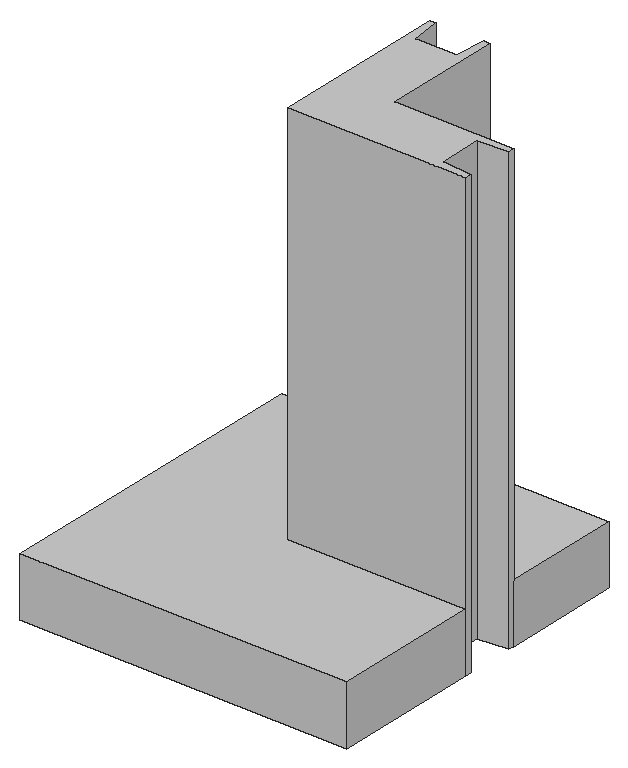
Revit family "t-balk hörn", category Structural Foundations, Revit 2023
Family settings
  Material for Model Behavior = Other
  Cap = No
  Work Plane-Based = No
  Always vertical = Yes
  Cut with Voids When Loaded = No
  Shared = No
  Show family pre-cut in plan views = Yes
Parameters (values of type "Hörn 90501")
  Volume = 0.50 m³
  Type Comments = "90501"
  Structural Material [instance] = Concrete - Cast-in-Place Concrete
  Reinforcement Specs [instance] = ""
  Pad Type = "P2"
  Model = "T-Fundamentsystem hörn"
  Mesh [instance] = ""
  Manufacturer = "Legalett"
  Foundation Thickness = 1500 mm
  Concrete Grade [instance] = ""
Reference planes
  plane 1 "Center (Front/Back)": y = 0
  plane 2: z = 200
  plane 3 "Center (Left/Right)": x = 0
  plane 4: x = -550
  plane 5: x = 550
  plane 6: y = 550
  plane 7: y = -550
  plane 8: z = 1500
Forms (mm)
  Extrusion 1, solid, material "Concrete - Cast-in-Place Concrete"
    sketch origin (0, 0, 0) x (1, 0, 0) y (0, 1, 0)
      loop
        line (-550, 550) -> (-550, -550) -> (550, -550) -> (550, -50) -> (-50, -50) -> (-50, 550) -> (-550, 550)
      loop
        line (550, 550) -> (150, 550) -> (150, 150) -> (550, 150) -> (550, 550)
    from 0 to 200
  Extrusion 2, solid, material "Concrete - Cast-in-Place Concrete"
    sketch origin (0, 0, 0) x (1, 0, 0) y (0, 1, 0)
      loop
        line (-50, 550) -> (-50, -50) -> (550, -50) -> (550, -30) -> (450, -20) -> (450, 120) -> (550, 130) -> (550, 150) -> (150, 150) -> (150, 550) -> (130, 550) -> (120, 450) -> (-20, 450) -> (-30, 550) -> (-50, 550)
    from 0 to 1500
Dimensions and locks
  equal spacing: plane 4, plane 3 "Center (Left/Right)", plane 5
  equal spacing: plane 7, plane 1 "Center (Front/Back)", plane 6
  Extrusion 1 to Extrusion 1 = 200 mm
  "Foundation Thickness": plane 8 to level
  aligned and locked: Extrusion 1 to level
  aligned and locked: plane 2 to Extrusion 1
  aligned and locked: plane 8 to Extrusion 2
Automatic sketch dimensions
  Extrusion 1 sketch curve to plane 4 = 0 mm
  Extrusion 1 sketch curve to plane 6 = 0 mm  (x2)
  Extrusion 1 sketch curve to plane 5 = 0 mm  (x2)
  plane 7 to Extrusion 1 sketch curve = 0 mm
  Extrusion 1 sketch curve to plane 3 "Center (Left/Right)" = 50 mm
  plane 1 "Center (Front/Back)" to Extrusion 1 sketch curve = 50 mm
  Extrusion 1 sketch curve to plane 1 "Center (Front/Back)" = 150 mm
  plane 3 "Center (Left/Right)" to Extrusion 1 sketch curve = 150 mm
  Extrusion 2 sketch curve to plane 6 = 0 mm  (x2)
  Extrusion 2 sketch curve to plane 5 = 0 mm  (x2)
  plane 5 to Extrusion 2 sketch curve = 100 mm
  plane 3 "Center (Left/Right)" to Extrusion 2 sketch curve = 150 mm
  Extrusion 2 sketch curve to Extrusion 2 sketch curve = 20 mm  (x3)
  Extrusion 2 sketch curve to Extrusion 2 sketch curve = 10 mm  (x2)
  Extrusion 2 sketch curve to plane 3 "Center (Left/Right)" = 20 mm
  Extrusion 2 sketch curve to plane 3 "Center (Left/Right)" = 30 mm
  Extrusion 2 sketch curve to plane 3 "Center (Left/Right)" = 50 mm
  Extrusion 2 sketch curve to plane 6 = 100 mm
  Extrusion 2 sketch curve to plane 1 "Center (Front/Back)" = 150 mm
  plane 1 "Center (Front/Back)" to Extrusion 2 sketch curve = 20 mm
  plane 1 "Center (Front/Back)" to Extrusion 2 sketch curve = 30 mm
